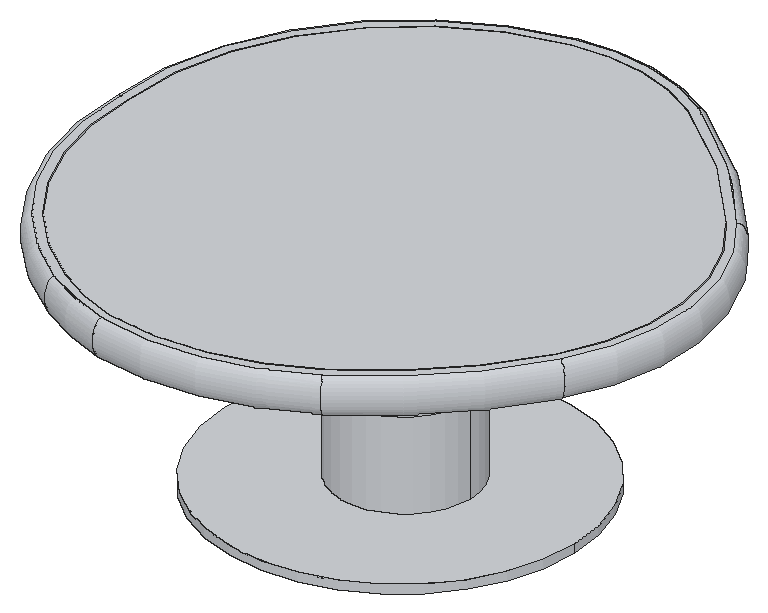
Revit family "MESA DE CENTRO 04", category Mobiliário, Revit 2021
Family settings
  Número OmniClass = 23.40.20.00
  Título OmniClass = General Furniture and Specialties
  Com base no plano de trabalho = Não
  Sempre na vertical = Sim
  Corte com vazios quando carregada = Não
  Compartilhado = Não
  Ponto de cálculo do ambiente = Não
Parameters
  MATERIAL TAMPO [instance] = none
  MATERIAL PE [instance] = none
  Elevação padrão = 0 mm
Reference planes
  plane 1 "Centro (Frente/Trás)": y = 0
  plane 2: z = 0
  plane 3 "Centro (Esquerda/Direita)": x = 0
  plane 4: x = -300
  plane 5: x = 360
  plane 6: y = 380.927
  plane 7: y = -380.927
  plane 8: z = 300
Forms (mm)
  Extrusion 1, solid
    sketch origin (-262.632, -2343.236, 0) x (1, 0, 0) y (0, 1, 0)
      loop
        arc (229.24, 2700.264) -> (44.721, 2584.645) -> (-17.159, 2375.873) r 307.877
        arc (-17.159, 2375.873) -> (21.414, 2211.045) -> (138.843, 2089.118) r 319.214
        arc (138.843, 2089.118) -> (176.202, 2070.334) -> (215.816, 2056.944) r 299.112
        arc (215.816, 2056.944) -> (325.403, 2057.8) -> (427.155, 2098.5) r 295.763
        arc (427.155, 2098.5) -> (509.166, 2165.881) -> (572.649, 2250.944) r 439.886
        arc (572.649, 2250.944) -> (603.114, 2395.681) -> (543.072, 2530.854) r 240.376
        arc (543.072, 2530.854) -> (470.273, 2607.898) -> (385.572, 2671.625) r 629.085
        arc (385.572, 2671.625) -> (310.156, 2700.956) -> (229.24, 2700.264) r 214.52
    from 260 to 300
  Sweep 2, solid, material <- "MATERIAL TAMPO"
    path origin (-262.632, -2343.236, 300) x (1, 0, 0) y (0, 1, 0)
      loop
        arc (385.572, 2671.625) -> (310.156, 2700.956) -> (229.24, 2700.264) r 214.52
        arc (229.24, 2700.264) -> (44.721, 2584.645) -> (-17.159, 2375.873) r 307.877
        arc (-17.159, 2375.873) -> (21.414, 2211.045) -> (138.843, 2089.118) r 319.214
        arc (138.843, 2089.118) -> (176.202, 2070.334) -> (215.816, 2056.944) r 299.112
        arc (215.816, 2056.944) -> (325.403, 2057.8) -> (427.155, 2098.5) r 295.763
        arc (427.155, 2098.5) -> (509.166, 2165.881) -> (572.649, 2250.944) r 439.886
        arc (572.649, 2250.944) -> (603.114, 2395.681) -> (543.072, 2530.854) r 240.376
        arc (543.072, 2530.854) -> (470.273, 2607.898) -> (385.572, 2671.625) r 629.085
    profile origin (47.524, 357.72, 300) x (-0.180198, -0.98363, 0) y (0, 0, 1)
      loop
        line (0, 0) -> (-10, 0)
        spline (-10, 0) -> (-12.588, -0.681) -> (-15, -2.679) -> (-17.071, -5.858) -> (-18.66, -10) -> (-19.659, -14.824) -> (-20, -20) -> (-19.659, -25.176) -> (-18.66, -30) -> (-17.071, -34.142) -> (-15, -37.321) -> (-12.588, -39.319) -> (-10, -40)
        line (-10, -40) -> (0, -40) -> (0, 0)
  Extrusion 3, solid, material <- "MATERIAL PE"
    sketch origin (-79.794, 1236.235, 0) x (1, 0, 0) y (0, 1, 0)
      loop
        circle (107.821, -1200.312) r 170
    from 0 to 10
  Extrusion 4, solid, material <- "MATERIAL PE"
    sketch origin (-79.794, 1236.235, 10) x (1, 0, 0) y (0, 1, 0)
      loop
        circle (107.821, -1200.312) r 200
    from 0 to 10
Lines and regions (mm)
  symbolic lines
    curve 1: line (0, -154.587, 160.5) -> (0, -154.587, 159.5)
    curve 2: line (0, -154.587, 160) -> (0, -259.587, 160)
Dimensions and locks
  plane 4 to plane 3 "Centro (Esquerda/Direita)" to plane 5 = 300 mm, 360 mm
  equal spacing: plane 7, plane 1 "Centro (Frente/Trás)", plane 6
  plane 4 to plane 5 = 660 mm
  plane 6 to plane 7 = 761.854 mm
  plane 8 to plane 2 = 300 mm
  aligned and locked: level to plane 2
Automatic sketch dimensions
  plane 1 "Centro (Frente/Trás)" to curve 2 = 259.587 mm
  curve 1 to plane 8 = 140.5 mm
  curve 2 to curve 2 = 105 mm
  curve 1 to curve 2 = 0.5 mm
  curve 2 to curve 1 = 0.5 mm
  Extrusion 1 sketch curve to plane 3 "Centro (Esquerda/Direita)" = 211.58 mm
  Extrusion 1 sketch curve to plane 3 "Centro (Esquerda/Direita)" = 71.683 mm
  Extrusion 1 sketch curve to plane 1 "Centro (Frente/Trás)" = 4.77 mm
  plane 3 "Centro (Esquerda/Direita)" to Extrusion 1 sketch curve = 5.707 mm
  plane 3 "Centro (Esquerda/Direita)" to Extrusion 1 sketch curve = 8.867 mm
  plane 3 "Centro (Esquerda/Direita)" to Extrusion 1 sketch curve = 27.259 mm
  Extrusion 1 sketch curve to plane 1 "Centro (Frente/Trás)" = 3.072 mm
  Extrusion 1 sketch curve to Extrusion 1 sketch curve = 23.216 mm
  Extrusion 1 sketch curve to Extrusion 1 sketch curve = 10.263 mm
  Extrusion 1 sketch curve to plane 1 "Centro (Frente/Trás)" = 27.186 mm
  Extrusion 1 sketch curve to Extrusion 1 sketch curve = 62.25 mm
  plane 1 "Centro (Frente/Trás)" to Extrusion 1 sketch curve = 204.382 mm
  Extrusion 1 sketch curve to Extrusion 1 sketch curve = 17.285 mm
  Extrusion 1 sketch curve to Extrusion 1 sketch curve = 34.827 mm
  Extrusion 1 sketch curve to Extrusion 1 sketch curve = 71.167 mm
  Extrusion 1 sketch curve to Extrusion 1 sketch curve = 20.36 mm
  Extrusion 1 sketch curve to plane 1 "Centro (Frente/Trás)" = 32.637 mm
  Extrusion 1 sketch curve to Extrusion 1 sketch curve = 208.109 mm
  Extrusion 1 sketch curve to Extrusion 1 sketch curve = 0 mm  (x4)
  Extrusion 1 sketch curve to plane 3 "Centro (Esquerda/Direita)" = 46.817 mm
  Extrusion 1 sketch curve to plane 1 "Centro (Frente/Trás)" = 187.618 mm
  profile plane to Sweep 2 sketch curve = 0 mm
  Sweep 2 sketch curve to profile plane = 0 mm
  profile plane to Sweep 2 sketch curve = 10 mm
  Sweep 2 sketch curve to profile plane = 40 mm
  Sweep 2 sketch curve to Sweep 2 sketch curve = 0 mm
  Extrusion 3 sketch curve to Extrusion 3 sketch curve = 0 mm  (x2)
  plane 3 "Centro (Esquerda/Direita)" to Extrusion 3 sketch curve = 28.028 mm
  Extrusion 3 sketch curve to plane 1 "Centro (Frente/Trás)" = 35.922 mm
  Extrusion 3 sketch curve to plane 3 "Centro (Esquerda/Direita)" = 141.972 mm
  Extrusion 4 sketch curve to Extrusion 4 sketch curve = 0 mm  (x2)
  plane 3 "Centro (Esquerda/Direita)" to Extrusion 4 sketch curve = 28.028 mm
  Extrusion 4 sketch curve to plane 1 "Centro (Frente/Trás)" = 35.922 mm
  Extrusion 4 sketch curve to plane 3 "Centro (Esquerda/Direita)" = 171.972 mm
  radius of Sweep 2 sketch curve to Extrusion 1 = 0 mm  (x8)
Nested families
  nested 1: "PÉ 01 - PARAMETRICO_02" at (28.991, 41.731, 20), MATERIAL PE <- "MATERIAL PE", type "PÉ 01 - PARAMETRICO_120"
    with altura pé 240 mm, altura gomo 125 mm, MATERIAL PE none, Raio 75 mm, R22 51 mm, R2 25 mm
Definition of nested family "PÉ 01 - PARAMETRICO_02"
  Parameters (values of type "PÉ 01 - PARAMETRICO_120")
    altura pé [instance] = 500 mm
    altura gomo [instance] = 250 mm
    Raio = 60 mm
    R22 = 2 * R2 + 1 mm  # 41 mm
    R21 [instance] = 11 mm
    R2 = Raio / 3  # 20 mm
    MATERIAL PE [instance] = none
    Default Elevation = 0 mm
  Types (5, lengths in mm): name | Raio | R22 | R2
    PÉ 01 - PARAMETRICO_120 | 60 | 41 | 20
    PÉ 01 - D30 | 15 | 11 | 5
    PÉ 01 - D50 | 25 | 17.667 | 8.333
    PÉ 01 - D70 | 35 | 24.333 | 11.667
    PÉ 01 - D90cm | 45 | 31 | 15
  Reference planes
    plane 1 "Centro (Frente/Trás)": y = 0
    plane 2: z = 0
    plane 3 "Centro (Esquerda/Direita)": x = 0
    plane 4: z = 500
    plane 5: z = 250
  Forms (mm)
    Extrusion 1, solid, material <- "MATERIAL PE"
      sketch origin (0, 0, 0) x (1, 0, 0) y (0, 1, 0)
        loop
          circle (0, 0) r 60
      from 0 to 500
    Sweep 2, solid, material <- "MATERIAL PE"
      path origin (0, 0, 0) x (1, 0, 0) y (0, 1, 0)
        loop
          circle (0, 0) r 60
      profile origin (0, 60, 0) x (0, -1, 0) y (0, 0, 1)
        loop
          line (0, 229.5) -> (0, 270.5) -> (-20, 270.5) -> (-20, 229.5) -> (0, 229.5)
    Sweep 3, void
      path in 3D
        loop
          arc (80, 0, 270.5) -> (0, -80, 270.5) -> (-80, 0, 270.5) r 80
          arc (-80, 0, 270.5) -> (0, 80, 270.5) -> (80, 0, 270.5) r 80
      profile origin (0, 80, 270.5) x (0, 1, 0) y (0, 0, 1)
        loop
          line (0, 0) -> (-20, 0)
          arc (-20, 0) -> (-14.142, -14.142) -> (0, -20) r 20
          line (0, -20) -> (0, 0)
        loop
          line (0, -41) -> (0, -21)
          arc (0, -21) -> (-14.142, -26.858) -> (-20, -41) r 20
          line (-20, -41) -> (0, -41)
  Cuts and joins
    Sweep 3 cuts Extrusion 1
    Sweep 3 cuts Sweep 2
    joined: Extrusion 1, Sweep 2
  Lines and regions (mm)
    sketch lines
      curve 1: arc (-80, 0, 270.5) -> (0, 80, 270.5) -> (80, 0, 270.5) r 80
      curve 2: arc (80, 0, 270.5) -> (0, -80, 270.5) -> (-80, 0, 270.5) r 80
  Dimensions and locks
    plane 4 to plane 2 = 500 mm
    "altura pé": plane 4 to plane 2
    "altura gomo": plane 5 to level
    "R2": Sweep 2 sketch curve to Sweep 2 sketch curve
    equal spacing: Sweep 2 sketch curve, plane 5, Sweep 2 sketch curve
    "R22": Sweep 2 sketch curve to Sweep 2 sketch curve
    "Raio": radius of Extrusion 1 sketch curve
    "Raio": radius of Sweep 2 sketch curve
    "R2": radius of Sweep 3 sketch curve  (x2)
    aligned and locked: level to plane 2
    aligned and locked: plane 4 to Extrusion 1
  Automatic sketch dimensions
    plane 1 "Centro (Frente/Trás)" to Extrusion 1 sketch curve = 0 mm
    Extrusion 1 sketch curve to plane 3 "Centro (Esquerda/Direita)" = 0 mm
    Sweep 2 sketch curve to Sweep 2 sketch curve = 0 mm  (x2)
    plane 1 "Centro (Frente/Trás)" to Sweep 2 sketch curve = 0 mm
    Sweep 2 sketch curve to plane 3 "Centro (Esquerda/Direita)" = 0 mm
    Sweep 2 sketch curve to profile plane = 0 mm
    Sweep 3 sketch curve to profile plane = 0 mm  (x3)
    Sweep 3 sketch curve to Sweep 3 sketch curve = 1 mm
